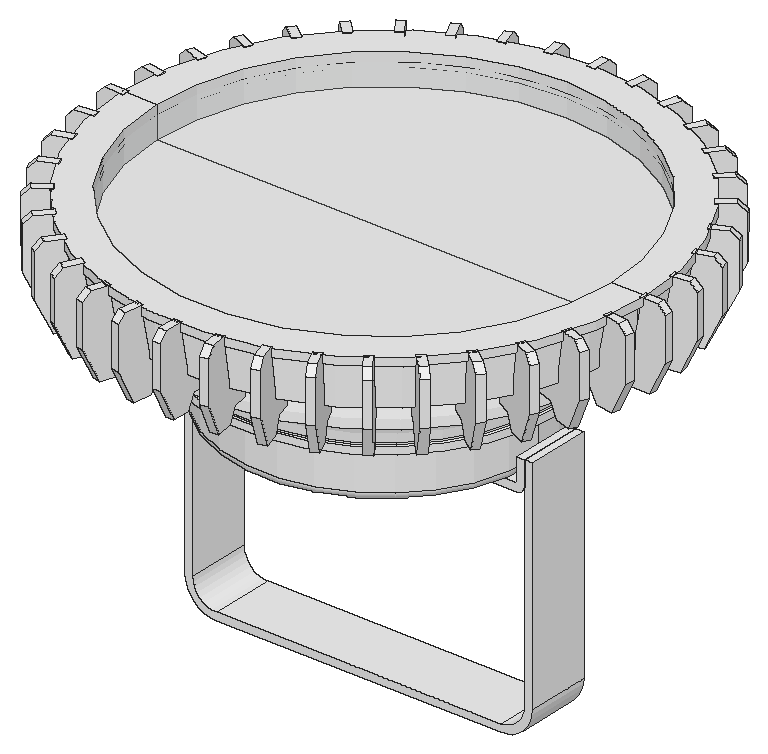
Revit family "HBLC", category Lighting Fixtures, host Face, Revit 2014
Parameters
  Wattage Comments = "169W"  # constant formula
  Wattage = 169 W
  Watt = 169 W  # constant formula
  Warranty = "Five years from date of purchase when used on supply AC power\r\n• One year from date of purchase when used on supply DC power"  # constant formula
  built-in parameter 1150110 = 1 (stored number, unit not read)
  Voltage = 120 V
  URL = "http://www.hubbellindustrial.com/"
  built-in parameter 1114217 = 1 (stored number, unit not read)
  Tilt Angle = -90.00°
  built-in parameter 1150109 = 1 (stored number, unit not read)
  built-in parameter 1150134 = 2
  built-in parameter 1150113 = 1 (stored number, unit not read)
  Product Page URL = "https://www.hubbell.com/hubbellindustriallighting/en/Products/Lighting-Controls/Industrial-Lighting/Extreme-Environment/HBLC/p/212403"
  Product Documentation Link = "https://hubbellcdn.com/specsheet/hil0080_hblc_spec.pdf"
  Power Factor = 0.9
  Photometric Web File = "Generic.ies"
  Optics = "Narrow"
  Model = "HBLC"  # constant formula
  Material Finish = Paint - Hubbell - White Texture
  Manufacturer = "Hubbell Industrial Lighting"  # constant formula
  built-in parameter 1150105 = 1344.5 (stored number, unit not read)
  Lumens = 16900 lm
  built-in parameter 1150115 = 1 (stored number, unit not read)
  Load Classification = Lighting
  built-in parameter 1150137 = (empty or 0)
  built-in parameter 1150139 = (empty or 0)
  built-in parameter 1150112 = 1 (stored number, unit not read)
  built-in parameter 1150114 = 1 (stored number, unit not read)
  Lamp = "LED"  # constant formula
  built-in parameter 1150132 = (empty or 0)
  built-in parameter 1150102 = (empty or 0)
  built-in parameter 1150107 = 5000 (stored number, unit not read)
  built-in parameter 1150138 = (empty or 0)
  built-in parameter 1150106 = 13.445 (stored number, unit not read)
  IP Rating = "IP56"  # constant formula
  Glass = Hubbell - Glass
  Features = "LED source is resistant to vibration\r\nLights area below bridge crane\r\nYoke mount for strength and mounting flexibility\r\nHinged housing is easy to service\r\nRugged die-cast construction\r\nSealed, wet location rated design\r\nVibration tested at 3G\r\nThe HBLC is suitable for bridge cranes and other high vibration industrial areas."  # constant formula
  Fastners = Paint - Hubbell - Light Silver
  Environmental Conditions = "Damp Location, Wet Location, outdoor"  # constant formula
  Emit from Circle Diameter = 11.000"
  Emit Shape Visible in Rendering = no
  built-in parameter 1150104 = 9.2903 (stored number, unit not read)
  Dimming Lamp Color Temperature Shift = <None>
  Description = "The HBLC LED High Bay is specifically designed to be used on heavy industrial bridge cranes while utilizing AC or DC input voltage. Custom engineered LED optics provide evenly distributed light for bridge crane operators and others working under the crane for increased visibility and safety."  # constant formula
  Default Elevation = 48.000"
  Contact us = "https://www.hubbell.com/hubbellindustriallighting/en/contactUs?productId=212403"
  Color Filter = 16777215
  Certification = "CSA Listed to UL844\r\n• CSA Listed to UL1598 Wet Location\r\n• Wet Location listed up to 90 degrees\r\n• Damp location listed at greater than 90 degrees mounting angle\r\n• Class I, Division 2, Groups A, B, C & D\r\n• IP66 with factory installed ENCG option"  # constant formula
  built-in parameter 1114218 = 1 (stored number, unit not read)
  built-in parameter 1150133 = 10 (stored number, unit not read)
  Apparent Load = Watt / Power Factor  # 187.778 VA
Reference planes (in)
  plane 1 "Center (Front/Back)": y = 0
  plane 2: z = 0
  plane 3 "Center (Left/Right)": x = 0
  plane 4: z = 8
  plane 5: x = -7
  plane 6: x = 7
  plane 7: x = -6.75
  plane 8: x = 6.75
  plane 9: z = 0.25
  plane 10: y = 1
  plane 11: y = -1
  plane 12: z = 7
  plane 13: z = 7.25
  plane 14: x = -6.5
  plane 15: x = 6.5
  plane 16: x = -5.5
  plane 17: x = 5.5
  plane 18: z = 13
Forms (in)
  Extrusion 1, solid, material "Paint - Hubbell - White Texture" <- "Material Finish"
    sketch origin (0, 0, 0) x (1, 0, 0) y (0, 0, 1)
      loop
        arc (-5.5, 1) -> (-5.20711, 0.29289) -> (-4.5, 0) r 1
        line (-4.5, 0) -> (4.5, 0)
        arc (4.5, 0) -> (5.20711, 0.29289) -> (5.5, 1) r 1
        line (5.5, 1) -> (5.5, 8) -> (5.25, 8) -> (5.25, 1)
        arc (5.25, 1) -> (5.03033, 0.46967) -> (4.5, 0.25) r 0.75
        line (4.5, 0.25) -> (-4.5, 0.25)
        arc (-4.5, 0.25) -> (-5.03033, 0.46967) -> (-5.25, 1) r 0.75
        line (-5.25, 1) -> (-5.25, 8) -> (-5.5, 8) -> (-5.5, 1)
    from 1 to -1
  Extrusion 2, solid, material "Paint - Hubbell - White Texture" <- "Material Finish"
    sketch origin (0, 0, 0) x (1, 0, 0) y (0, 0, 1)
      loop
        line (-5.25, 8) -> (-5.25, 7.25)
        arc (-5.25, 7.25) -> (-5.17678, 7.07322) -> (-5, 7) r 0.25
        line (-5, 7) -> (5, 7)
        arc (5, 7) -> (5.17678, 7.07322) -> (5.25, 7.25) r 0.25
        line (5.25, 7.25) -> (5.25, 8) -> (5, 8) -> (5, 7.25) -> (-5, 7.25) -> (-5, 8) -> (-5.25, 8)
    from 1 to -1
  Extrusion 3, solid, material "Paint - Hubbell - Light Silver" <- "Fastners"
    sketch origin (6.75, 0, 7) x (0, 1, 0) y (1, 0, 0)
      loop
        line (0.5, -9.5) -> (0.25, -9.06699) -> (-0.25, -9.06699) -> (-0.5, -9.5) -> (-0.25, -9.93301) -> (0.25, -9.93301) -> (0.5, -9.5)
      loop
        line (0.5, -3.99264) -> (0.25, -3.55963) -> (-0.25, -3.55963) -> (-0.5, -3.99264) -> (-0.25, -4.42565) -> (0.25, -4.42565) -> (0.5, -3.99264)
    from 0 to 0.36841
Dimensions and locks (in)
  plane 4 to plane 2 = 8.000"
  locked: plane 7 to plane 5 at 0.25
  locked: plane 8 to plane 6 at 0.25
  locked: plane 9 to plane 2 at 0.25
  equal spacing: plane 10, plane 1 "Center (Front/Back)", plane 11
  locked: plane 10 to plane 11 at 2
  equal spacing: plane 6, plane 3 "Center (Left/Right)", plane 5, locked at 7 each
  plane 6 to plane 5 = 14.000"
  plane 17 to plane 16 = 11.000"
  radius of Extrusion 1 sketch curve = 0.750"  (x2)
  aligned and locked: plane 2 to host face
  aligned and locked: level to host face
  aligned and locked: plane 2 to Extrusion 1 sketch curve
  aligned and locked: Extrusion 1 sketch curve to plane 4
  aligned and locked: plane 4 to Extrusion 1 sketch curve
  aligned and locked: plane 9 to Extrusion 1 sketch curve
  aligned and locked: Extrusion 1 to plane 11
  aligned and locked: plane 10 to Extrusion 1
  aligned and locked: nested 1 to plane 3 "Center (Left/Right)"
  aligned and locked: nested 1 to plane 1 "Center (Front/Back)"
  aligned and locked: plane 12 to Extrusion 2 sketch curve
  aligned and locked: plane 4 to Extrusion 2 sketch curve
  aligned and locked: Extrusion 2 sketch curve to plane 4
  aligned and locked: plane 13 to Extrusion 2 sketch curve
  aligned and locked: Extrusion 1 to Extrusion 2  (x2)
  aligned and locked: plane 3 "Center (Left/Right)" to imposter light
  aligned and locked: imposter light to plane 1 "Center (Front/Back)"
Automatic sketch dimensions
  host sketch curve to host sketch curve = 96.000"  (x2)
  Extrusion 1 sketch curve to Extrusion 1 sketch curve = 0.000"  (x5)
  plane 7 to Extrusion 1 sketch curve = 1.250"
  Extrusion 1 sketch curve to plane 17 = 1.000"
  Extrusion 2 sketch curve to plane 13 = 0.000"  (x2)
  plane 16 to Extrusion 2 sketch curve = 0.250"
  Extrusion 2 sketch curve to Extrusion 2 sketch curve = 0.000"  (x2)
  Extrusion 2 sketch curve to plane 17 = 0.500"
  Extrusion 3 sketch curve to Extrusion 2 = 0.500"  (x4)
  Extrusion 3 sketch curve to Extrusion 3 sketch curve = 0.250"  (x4)
  Extrusion 3 sketch curve to Extrusion 3 sketch curve = 0.500"  (x4)
  Extrusion 2 to Extrusion 3 sketch curve = 1.80963"
  Extrusion 3 sketch curve to Extrusion 3 sketch curve = 0.43301"  (x6)
  Extrusion 2 to Extrusion 3 sketch curve = 2.68301"
Nested families (in)
  nested 1: "KHL" at (0, 0, 7.25) x (-1, 0, 0) z (0, 0, 1), type "KHL"
Connectors (in)
  electrical at (0, 0, 7.25), driven by "Load Classification", driven by "Voltage", driven by "Apparent Load", driven by "Power Factor"
    settings: on nested 1, index 1, voltage 120 V, apparent load 187.778 VA, apparent load phase1 0 VA, apparent load phase2 0 VA, apparent load phase3 0 VA, power factor 0.9, load classification "Lighting", number of poles 1, system type 30, power factor state 1, is connector primary yes, connector utility no, sub classification motor no, connector description "Lighting Connector"
Definition of nested family "KHL"
  Parameters (values of type "KHL")
    Wattage Comments = ""
    URL = ""
    Model = ""
    Material Finish = Hubbell-Tan
    Manufacturer = ""
    Lamp = ""
    IES FILE LINK = ""
    Glass = Hubbell - Glass
    Description = ""
    Default Elevation = 48.000"
    Apparent Load = 0 VA
  Reference planes (in)
    plane 1 "Center (Front/Back)": y = 0
    plane 2: z = 0
    plane 3 "Center (Left/Right)": x = 0
    plane 4: z = 6
    plane 5: x = -7.25
    plane 6: x = 7.25
    plane 7: x = -5.5
    plane 8: x = 5.5
    plane 9: x = -9
    plane 10: x = 9
    plane 11: y = -9
    plane 12: y = 9
    plane 13: x = -9
    plane 14: x = 9
    plane 15: through (-8.8892, 1.40791, -18.06561) normal (-0.9877, 0.1564, 0)
    plane 16: through (8.8892, -1.40791, -18.06561) normal (-0.9877, 0.1564, 0)
    plane 17: through (-8.55951, 2.78115, -18.06561) normal (-0.9511, 0.309, 0)
    plane 18: through (8.55951, -2.78115, -18.06561) normal (-0.9511, 0.309, 0)
    plane 19: through (-8.01906, 4.08591, -18.06561) normal (-0.891, 0.454, 0)
    plane 20: through (8.01906, -4.08591, -18.06561) normal (-0.891, 0.454, 0)
    plane 21: through (-7.28115, 5.29007, -18.06561) normal (-0.809, 0.5878, 0)
    plane 22: through (7.28115, -5.29007, -18.06561) normal (-0.809, 0.5878, 0)
    plane 23: through (-6.36396, 6.36396, -18.06561) normal (-0.7071, 0.7071, 0)
    plane 24: through (6.36396, -6.36396, -18.06561) normal (-0.7071, 0.7071, 0)
    plane 25: through (-5.29007, 7.28115, -18.06561) normal (-0.5878, 0.809, 0)
    plane 26: through (5.29007, -7.28115, -18.06561) normal (-0.5878, 0.809, 0)
    plane 27: through (-4.08591, 8.01906, -18.06561) normal (-0.454, 0.891, 0)
    plane 28: through (4.08591, -8.01906, -18.06561) normal (-0.454, 0.891, 0)
    plane 29: through (-2.78115, 8.55951, -18.06561) normal (-0.309, 0.9511, 0)
    plane 30: through (2.78115, -8.55951, -18.06561) normal (-0.309, 0.9511, 0)
    plane 31: through (-1.40791, 8.8892, -18.06561) normal (-0.1564, 0.9877, 0)
    plane 32: through (1.40791, -8.8892, -18.06561) normal (-0.1564, 0.9877, 0)
    plane 33: y = 9
    plane 34: y = -9
    plane 35: through (1.40791, 8.8892, -18.06561) normal (0.1564, 0.9877, 0)
    plane 36: through (-1.40791, -8.8892, -18.06561) normal (0.1564, 0.9877, 0)
    plane 37: through (2.78115, 8.55951, -18.06561) normal (0.309, 0.9511, 0)
    plane 38: through (-2.78115, -8.55951, -18.06561) normal (0.309, 0.9511, 0)
    plane 39: through (4.08591, 8.01906, -18.06561) normal (0.454, 0.891, 0)
    plane 40: through (-4.08591, -8.01906, -18.06561) normal (0.454, 0.891, 0)
    plane 41: through (5.29007, 7.28115, -18.06561) normal (0.5878, 0.809, 0)
    plane 42: through (-5.29007, -7.28115, -18.06561) normal (0.5878, 0.809, 0)
    plane 43: through (6.36396, 6.36396, -18.06561) normal (0.7071, 0.7071, 0)
    plane 44: through (-6.36396, -6.36396, -18.06561) normal (0.7071, 0.7071, 0)
    plane 45: through (7.28115, 5.29007, -18.06561) normal (0.809, 0.5878, 0)
    plane 46: through (-7.28115, -5.29007, -18.06561) normal (0.809, 0.5878, 0)
    plane 47: through (8.01906, 4.08591, -18.06561) normal (0.891, 0.454, 0)
    plane 48: through (-8.01906, -4.08591, -18.06561) normal (0.891, 0.454, 0)
    plane 49: through (8.55951, 2.78115, -18.06561) normal (0.9511, 0.309, 0)
    plane 50: through (-8.55951, -2.78115, -18.06561) normal (0.9511, 0.309, 0)
    plane 51: through (8.8892, 1.40791, -18.06561) normal (0.9877, 0.1564, 0)
    plane 52: through (-8.8892, -1.40791, -18.06561) normal (0.9877, 0.1564, 0)
    plane 53: x = 9
    plane 54: x = -9
    plane 55: through (8.8892, -1.40791, -18.06561) normal (0.9877, -0.1564, 0)
    plane 56: through (-8.8892, 1.40791, -18.06561) normal (0.9877, -0.1564, 0)
    plane 57: through (8.55951, -2.78115, -18.06561) normal (0.9511, -0.309, 0)
    plane 58: through (-8.55951, 2.78115, -18.06561) normal (0.9511, -0.309, 0)
    plane 59: through (8.01906, -4.08591, -18.06561) normal (0.891, -0.454, 0)
    plane 60: through (-8.01906, 4.08591, -18.06561) normal (0.891, -0.454, 0)
    plane 61: through (7.28115, -5.29007, -18.06561) normal (0.809, -0.5878, 0)
    plane 62: through (-7.28115, 5.29007, -18.06561) normal (0.809, -0.5878, 0)
    plane 63: through (6.36396, -6.36396, -18.06561) normal (0.7071, -0.7071, 0)
    plane 64: through (-6.36396, 6.36396, -18.06561) normal (0.7071, -0.7071, 0)
    plane 65: through (5.29007, -7.28115, -18.06561) normal (0.5878, -0.809, 0)
    plane 66: through (-5.29007, 7.28115, -18.06561) normal (0.5878, -0.809, 0)
    plane 67: through (4.08591, -8.01906, -18.06561) normal (0.454, -0.891, 0)
    plane 68: through (-4.08591, 8.01906, -18.06561) normal (0.454, -0.891, 0)
    plane 69: through (2.78115, -8.55951, -18.06561) normal (0.309, -0.9511, 0)
    plane 70: through (-2.78115, 8.55951, -18.06561) normal (0.309, -0.9511, 0)
    plane 71: through (1.40791, -8.8892, -18.06561) normal (0.1564, -0.9877, 0)
    plane 72: through (-1.40791, 8.8892, -18.06561) normal (0.1564, -0.9877, 0)
    plane 73: through (-1.40791, -8.8892, -18.06561) normal (-0.1564, -0.9877, 0)
    plane 74: through (1.40791, 8.8892, -18.06561) normal (-0.1564, -0.9877, 0)
    plane 75: through (-2.78115, -8.55951, -18.06561) normal (-0.309, -0.9511, 0)
    plane 76: through (2.78115, 8.55951, -18.06561) normal (-0.309, -0.9511, 0)
    plane 77: through (-4.08591, -8.01906, -18.06561) normal (-0.454, -0.891, 0)
    plane 78: through (4.08591, 8.01906, -18.06561) normal (-0.454, -0.891, 0)
    plane 79: through (-5.29007, -7.28115, -18.06561) normal (-0.5878, -0.809, 0)
    plane 80: through (5.29007, 7.28115, -18.06561) normal (-0.5878, -0.809, 0)
    plane 81: through (-6.36396, -6.36396, -18.06561) normal (-0.7071, -0.7071, 0)
    plane 82: through (6.36396, 6.36396, -18.06561) normal (-0.7071, -0.7071, 0)
    plane 83: through (-7.28115, -5.29007, -18.06561) normal (-0.809, -0.5878, 0)
    plane 84: through (7.28115, 5.29007, -18.06561) normal (-0.809, -0.5878, 0)
    plane 85: through (-8.01906, -4.08591, -18.06561) normal (-0.891, -0.454, 0)
    plane 86: through (8.01906, 4.08591, -18.06561) normal (-0.891, -0.454, 0)
    plane 87: through (-8.55951, -2.78115, -18.06561) normal (-0.9511, -0.309, 0)
    plane 88: through (8.55951, 2.78115, -18.06561) normal (-0.9511, -0.309, 0)
    plane 89: through (-8.8892, -1.40791, -18.06561) normal (-0.9877, -0.1564, 0)
    plane 90: through (8.8892, 1.40791, -18.06561) normal (-0.9877, -0.1564, 0)
  Forms (in)
    Extrusion 1, solid
      sketch origin (0, 0, 0) x (1, 0, 0) y (0, 1, 0)
        loop
          line (-48, 48) -> (-48, -48) -> (48, -48) -> (48, 48) -> (-48, 48)
      from 0 to -12
    Revolve 2, solid, material "Hubbell-Tan" <- "Material Finish"
      sketch origin (0, 0, 0) x (1, 0, 0) y (0, 0, 1)
        loop
          line (4.875, 0.25) -> (4.875, 1.56868)
          arc (4.875, 1.56868) -> (4.92811, 1.69689) -> (5.05632, 1.75) r 0.18132
          line (5.05632, 1.75) -> (5.60927, 1.75) -> (5.60927, 1.97746) -> (5.5, 1.97746) -> (5.5, 2.0276)
          arc (5.5, 2.0276) -> (5.89464, 2.98036) -> (6.8474, 3.375) r 1.3474
          line (6.8474, 3.375) -> (7.23385, 3.375)
          arc (7.23385, 3.375) -> (7.12959, 3.90778) -> (6.83219, 4.36196) r 1.4134
          line (6.83219, 4.36196) -> (6.83219, 4.43504) -> (8.03125, 4.43504) -> (8.03125, 5.74507) -> (8.28125, 5.74507) -> (8.28125, 6) -> (7.20302, 6) -> (7.20302, 5) -> (0, 5) -> (0, 0) -> (4.625, 0)
          arc (4.625, 0) -> (4.80178, 0.07322) -> (4.875, 0.25) r 0.25
        axis (0, 6) -> (0, 0)
      angle from 0 to 360
    Extrusion 3, solid, material "Hubbell - Glass" <- "Glass"
      sketch origin (0, 0, 0) x (1, 0, 0) y (0, 1, 0)
        loop
          circle (0, 0) r 7.20302
      from 5.71977 to 5.56262
    Extrusion 4, solid, material "Hubbell-Tan" <- "Material Finish"
      sketch origin (1.75, 0, 0) x (1, 0, 0) y (0, 0, 1)
        loop
          line (6.42821, 6) -> (6.42821, 5.59247) -> (6.23107, 4.59805) -> (5.43029, 4.59805) -> (5.43029, 3.78903) -> (5.9375, 3.78903) -> (6.1875, 3.35602) -> (6.75, 3.35602) -> (7.25, 4.38117) -> (7.25, 5.75) -> (7, 6) -> (6.42821, 6)
      from 0.125 to -0.125
    Extrusion 5, solid, material "Hubbell-Tan" <- "Material Finish"
      sketch origin (1.72845, -0.27376, 0) x (0.987688, -0.156434, 0) y (0, 0, 1)
        loop
          line (6.42821, 6) -> (6.42821, 5.59247) -> (6.23107, 4.59805) -> (5.43029, 4.59805) -> (5.43029, 3.78903) -> (5.9375, 3.78903) -> (6.1875, 3.35602) -> (6.75, 3.35602) -> (7.25, 4.38117) -> (7.25, 5.75) -> (7, 6) -> (6.42821, 6)
      from 0.125 to -0.125
    Extrusion 6, solid, material "Hubbell-Tan" <- "Material Finish"
      sketch origin (1.66435, -0.54078, 0) x (0.951057, -0.309017, 0) y (0, 0, 1)
        loop
          line (6.42821, 6) -> (6.42821, 5.59247) -> (6.23107, 4.59805) -> (5.43029, 4.59805) -> (5.43029, 3.78903) -> (5.9375, 3.78903) -> (6.1875, 3.35602) -> (6.75, 3.35602) -> (7.25, 4.38117) -> (7.25, 5.75) -> (7, 6) -> (6.42821, 6)
      from 0.125 to -0.125
    Extrusion 7, solid, material "Hubbell-Tan" <- "Material Finish"
      sketch origin (1.55926, -0.79448, 0) x (0.891007, -0.45399, 0) y (0, 0, 1)
        loop
          line (6.42821, 6) -> (6.42821, 5.59247) -> (6.23107, 4.59805) -> (5.43029, 4.59805) -> (5.43029, 3.78903) -> (5.9375, 3.78903) -> (6.1875, 3.35602) -> (6.75, 3.35602) -> (7.25, 4.38117) -> (7.25, 5.75) -> (7, 6) -> (6.42821, 6)
      from 0.125 to -0.125
    Extrusion 8, solid, material "Hubbell-Tan" <- "Material Finish"
      sketch origin (1.41578, -1.02862, 0) x (0.809017, -0.587785, 0) y (0, 0, 1)
        loop
          line (6.42821, 6) -> (6.42821, 5.59247) -> (6.23107, 4.59805) -> (5.43029, 4.59805) -> (5.43029, 3.78903) -> (5.9375, 3.78903) -> (6.1875, 3.35602) -> (6.75, 3.35602) -> (7.25, 4.38117) -> (7.25, 5.75) -> (7, 6) -> (6.42821, 6)
      from 0.125 to -0.125
    Extrusion 9, solid, material "Hubbell-Tan" <- "Material Finish"
      sketch origin (1.23744, -1.23744, 0) x (0.707107, -0.707107, 0) y (0, 0, 1)
        loop
          line (6.42821, 6) -> (6.42821, 5.59247) -> (6.23107, 4.59805) -> (5.43029, 4.59805) -> (5.43029, 3.78903) -> (5.9375, 3.78903) -> (6.1875, 3.35602) -> (6.75, 3.35602) -> (7.25, 4.38117) -> (7.25, 5.75) -> (7, 6) -> (6.42821, 6)
      from 0.125 to -0.125
    Extrusion 10, solid, material "Hubbell-Tan" <- "Material Finish"
      sketch origin (1.02862, -1.41578, 0) x (0.587785, -0.809017, 0) y (0, 0, 1)
        loop
          line (6.42821, 6) -> (6.42821, 5.59247) -> (6.23107, 4.59805) -> (5.43029, 4.59805) -> (5.43029, 3.78903) -> (5.9375, 3.78903) -> (6.1875, 3.35602) -> (6.75, 3.35602) -> (7.25, 4.38117) -> (7.25, 5.75) -> (7, 6) -> (6.42821, 6)
      from 0.125 to -0.125
    Extrusion 11, solid, material "Hubbell-Tan" <- "Material Finish"
      sketch origin (0.79448, -1.55926, 0) x (0.45399, -0.891007, 0) y (0, 0, 1)
        loop
          line (6.42821, 6) -> (6.42821, 5.59247) -> (6.23107, 4.59805) -> (5.43029, 4.59805) -> (5.43029, 3.78903) -> (5.9375, 3.78903) -> (6.1875, 3.35602) -> (6.75, 3.35602) -> (7.25, 4.38117) -> (7.25, 5.75) -> (7, 6) -> (6.42821, 6)
      from 0.125 to -0.125
    Extrusion 12, solid, material "Hubbell-Tan" <- "Material Finish"
      sketch origin (0.54078, -1.66435, 0) x (0.309017, -0.951057, 0) y (0, 0, 1)
        loop
          line (6.42821, 6) -> (6.42821, 5.59247) -> (6.23107, 4.59805) -> (5.43029, 4.59805) -> (5.43029, 3.78903) -> (5.9375, 3.78903) -> (6.1875, 3.35602) -> (6.75, 3.35602) -> (7.25, 4.38117) -> (7.25, 5.75) -> (7, 6) -> (6.42821, 6)
      from 0.125 to -0.125
    Extrusion 13, solid, material "Hubbell-Tan" <- "Material Finish"
      sketch origin (0.27376, -1.72845, 0) x (0.156434, -0.987688, 0) y (0, 0, 1)
        loop
          line (6.42821, 6) -> (6.42821, 5.59247) -> (6.23107, 4.59805) -> (5.43029, 4.59805) -> (5.43029, 3.78903) -> (5.9375, 3.78903) -> (6.1875, 3.35602) -> (6.75, 3.35602) -> (7.25, 4.38117) -> (7.25, 5.75) -> (7, 6) -> (6.42821, 6)
      from 0.125 to -0.125
    Extrusion 14, solid, material "Hubbell-Tan" <- "Material Finish"
      sketch origin (0, -1.75, 0) x (0, -1, 0) y (0, 0, 1)
        loop
          line (6.42821, 6) -> (6.42821, 5.59247) -> (6.23107, 4.59805) -> (5.43029, 4.59805) -> (5.43029, 3.78903) -> (5.9375, 3.78903) -> (6.1875, 3.35602) -> (6.75, 3.35602) -> (7.25, 4.38117) -> (7.25, 5.75) -> (7, 6) -> (6.42821, 6)
      from 0.125 to -0.125
    Extrusion 15, solid, material "Hubbell-Tan" <- "Material Finish"
      sketch origin (-0.27376, -1.72845, 0) x (-0.156434, -0.987688, 0) y (0, 0, 1)
        loop
          line (6.42821, 6) -> (6.42821, 5.59247) -> (6.23107, 4.59805) -> (5.43029, 4.59805) -> (5.43029, 3.78903) -> (5.9375, 3.78903) -> (6.1875, 3.35602) -> (6.75, 3.35602) -> (7.25, 4.38117) -> (7.25, 5.75) -> (7, 6) -> (6.42821, 6)
      from 0.125 to -0.125
    Extrusion 16, solid, material "Hubbell-Tan" <- "Material Finish"
      sketch origin (-0.54078, -1.66435, 0) x (-0.309017, -0.951057, 0) y (0, 0, 1)
        loop
          line (6.42821, 6) -> (6.42821, 5.59247) -> (6.23107, 4.59805) -> (5.43029, 4.59805) -> (5.43029, 3.78903) -> (5.9375, 3.78903) -> (6.1875, 3.35602) -> (6.75, 3.35602) -> (7.25, 4.38117) -> (7.25, 5.75) -> (7, 6) -> (6.42821, 6)
      from 0.125 to -0.125
    Extrusion 17, solid, material "Hubbell-Tan" <- "Material Finish"
      sketch origin (-0.79448, -1.55926, 0) x (-0.45399, -0.891007, 0) y (0, 0, 1)
        loop
          line (6.42821, 6) -> (6.42821, 5.59247) -> (6.23107, 4.59805) -> (5.43029, 4.59805) -> (5.43029, 3.78903) -> (5.9375, 3.78903) -> (6.1875, 3.35602) -> (6.75, 3.35602) -> (7.25, 4.38117) -> (7.25, 5.75) -> (7, 6) -> (6.42821, 6)
      from 0.125 to -0.125
    Extrusion 18, solid, material "Hubbell-Tan" <- "Material Finish"
      sketch origin (-1.02862, -1.41578, 0) x (-0.587785, -0.809017, 0) y (0, 0, 1)
        loop
          line (6.42821, 6) -> (6.42821, 5.59247) -> (6.23107, 4.59805) -> (5.43029, 4.59805) -> (5.43029, 3.78903) -> (5.9375, 3.78903) -> (6.1875, 3.35602) -> (6.75, 3.35602) -> (7.25, 4.38117) -> (7.25, 5.75) -> (7, 6) -> (6.42821, 6)
      from 0.125 to -0.125
    Extrusion 19, solid, material "Hubbell-Tan" <- "Material Finish"
      sketch origin (-1.23744, -1.23744, 0) x (-0.707107, -0.707107, 0) y (0, 0, 1)
        loop
          line (6.42821, 6) -> (6.42821, 5.59247) -> (6.23107, 4.59805) -> (5.43029, 4.59805) -> (5.43029, 3.78903) -> (5.9375, 3.78903) -> (6.1875, 3.35602) -> (6.75, 3.35602) -> (7.25, 4.38117) -> (7.25, 5.75) -> (7, 6) -> (6.42821, 6)
      from 0.125 to -0.125
    Extrusion 20, solid, material "Hubbell-Tan" <- "Material Finish"
      sketch origin (-1.41578, -1.02862, 0) x (-0.809017, -0.587785, 0) y (0, 0, 1)
        loop
          line (6.42821, 6) -> (6.42821, 5.59247) -> (6.23107, 4.59805) -> (5.43029, 4.59805) -> (5.43029, 3.78903) -> (5.9375, 3.78903) -> (6.1875, 3.35602) -> (6.75, 3.35602) -> (7.25, 4.38117) -> (7.25, 5.75) -> (7, 6) -> (6.42821, 6)
      from 0.125 to -0.125
    Extrusion 21, solid, material "Hubbell-Tan" <- "Material Finish"
      sketch origin (-1.55926, -0.79448, 0) x (-0.891007, -0.45399, 0) y (0, 0, 1)
        loop
          line (6.42821, 6) -> (6.42821, 5.59247) -> (6.23107, 4.59805) -> (5.43029, 4.59805) -> (5.43029, 3.78903) -> (5.9375, 3.78903) -> (6.1875, 3.35602) -> (6.75, 3.35602) -> (7.25, 4.38117) -> (7.25, 5.75) -> (7, 6) -> (6.42821, 6)
      from 0.125 to -0.125
    Extrusion 22, solid, material "Hubbell-Tan" <- "Material Finish"
      sketch origin (-1.66435, -0.54078, 0) x (-0.951057, -0.309017, 0) y (0, 0, 1)
        loop
          line (6.42821, 6) -> (6.42821, 5.59247) -> (6.23107, 4.59805) -> (5.43029, 4.59805) -> (5.43029, 3.78903) -> (5.9375, 3.78903) -> (6.1875, 3.35602) -> (6.75, 3.35602) -> (7.25, 4.38117) -> (7.25, 5.75) -> (7, 6) -> (6.42821, 6)
      from 0.125 to -0.125
    Extrusion 23, solid, material "Hubbell-Tan" <- "Material Finish"
      sketch origin (-1.72845, -0.27376, 0) x (-0.987688, -0.156434, 0) y (0, 0, 1)
        loop
          line (6.42821, 6) -> (6.42821, 5.59247) -> (6.23107, 4.59805) -> (5.43029, 4.59805) -> (5.43029, 3.78903) -> (5.9375, 3.78903) -> (6.1875, 3.35602) -> (6.75, 3.35602) -> (7.25, 4.38117) -> (7.25, 5.75) -> (7, 6) -> (6.42821, 6)
      from 0.125 to -0.125
    Extrusion 24, solid, material "Hubbell-Tan" <- "Material Finish"
      sketch origin (-1.75, 0, 0) x (-1, 0, 0) y (0, 0, 1)
        loop
          line (6.42821, 6) -> (6.42821, 5.59247) -> (6.23107, 4.59805) -> (5.43029, 4.59805) -> (5.43029, 3.78903) -> (5.9375, 3.78903) -> (6.1875, 3.35602) -> (6.75, 3.35602) -> (7.25, 4.38117) -> (7.25, 5.75) -> (7, 6) -> (6.42821, 6)
      from 0.125 to -0.125
    Extrusion 25, solid, material "Hubbell-Tan" <- "Material Finish"
      sketch origin (-1.72845, 0.27376, 0) x (-0.987688, 0.156434, 0) y (0, 0, 1)
        loop
          line (6.42821, 6) -> (6.42821, 5.59247) -> (6.23107, 4.59805) -> (5.43029, 4.59805) -> (5.43029, 3.78903) -> (5.9375, 3.78903) -> (6.1875, 3.35602) -> (6.75, 3.35602) -> (7.25, 4.38117) -> (7.25, 5.75) -> (7, 6) -> (6.42821, 6)
      from 0.125 to -0.125
    Extrusion 26, solid, material "Hubbell-Tan" <- "Material Finish"
      sketch origin (-1.66435, 0.54078, 0) x (-0.951057, 0.309017, 0) y (0, 0, 1)
        loop
          line (6.42821, 6) -> (6.42821, 5.59247) -> (6.23107, 4.59805) -> (5.43029, 4.59805) -> (5.43029, 3.78903) -> (5.9375, 3.78903) -> (6.1875, 3.35602) -> (6.75, 3.35602) -> (7.25, 4.38117) -> (7.25, 5.75) -> (7, 6) -> (6.42821, 6)
      from 0.125 to -0.125
    Extrusion 27, solid, material "Hubbell-Tan" <- "Material Finish"
      sketch origin (-1.55926, 0.79448, 0) x (-0.891007, 0.45399, 0) y (0, 0, 1)
        loop
          line (6.42821, 6) -> (6.42821, 5.59247) -> (6.23107, 4.59805) -> (5.43029, 4.59805) -> (5.43029, 3.78903) -> (5.9375, 3.78903) -> (6.1875, 3.35602) -> (6.75, 3.35602) -> (7.25, 4.38117) -> (7.25, 5.75) -> (7, 6) -> (6.42821, 6)
      from 0.125 to -0.125
    Extrusion 28, solid, material "Hubbell-Tan" <- "Material Finish"
      sketch origin (-1.41578, 1.02862, 0) x (-0.809017, 0.587785, 0) y (0, 0, 1)
        loop
          line (6.42821, 6) -> (6.42821, 5.59247) -> (6.23107, 4.59805) -> (5.43029, 4.59805) -> (5.43029, 3.78903) -> (5.9375, 3.78903) -> (6.1875, 3.35602) -> (6.75, 3.35602) -> (7.25, 4.38117) -> (7.25, 5.75) -> (7, 6) -> (6.42821, 6)
      from 0.125 to -0.125
    Extrusion 29, solid, material "Hubbell-Tan" <- "Material Finish"
      sketch origin (-1.23744, 1.23744, 0) x (-0.707107, 0.707107, 0) y (0, 0, 1)
        loop
          line (6.42821, 6) -> (6.42821, 5.59247) -> (6.23107, 4.59805) -> (5.43029, 4.59805) -> (5.43029, 3.78903) -> (5.9375, 3.78903) -> (6.1875, 3.35602) -> (6.75, 3.35602) -> (7.25, 4.38117) -> (7.25, 5.75) -> (7, 6) -> (6.42821, 6)
      from 0.125 to -0.125
    Extrusion 30, solid, material "Hubbell-Tan" <- "Material Finish"
      sketch origin (-1.02862, 1.41578, 0) x (-0.587785, 0.809017, 0) y (0, 0, 1)
        loop
          line (6.42821, 6) -> (6.42821, 5.59247) -> (6.23107, 4.59805) -> (5.43029, 4.59805) -> (5.43029, 3.78903) -> (5.9375, 3.78903) -> (6.1875, 3.35602) -> (6.75, 3.35602) -> (7.25, 4.38117) -> (7.25, 5.75) -> (7, 6) -> (6.42821, 6)
      from 0.125 to -0.125
    Extrusion 31, solid, material "Hubbell-Tan" <- "Material Finish"
      sketch origin (-0.79448, 1.55926, 0) x (-0.45399, 0.891007, 0) y (0, 0, 1)
        loop
          line (6.42821, 6) -> (6.42821, 5.59247) -> (6.23107, 4.59805) -> (5.43029, 4.59805) -> (5.43029, 3.78903) -> (5.9375, 3.78903) -> (6.1875, 3.35602) -> (6.75, 3.35602) -> (7.25, 4.38117) -> (7.25, 5.75) -> (7, 6) -> (6.42821, 6)
      from 0.125 to -0.125
    Extrusion 32, solid, material "Hubbell-Tan" <- "Material Finish"
      sketch origin (-0.54078, 1.66435, 0) x (-0.309017, 0.951057, 0) y (0, 0, 1)
        loop
          line (6.42821, 6) -> (6.42821, 5.59247) -> (6.23107, 4.59805) -> (5.43029, 4.59805) -> (5.43029, 3.78903) -> (5.9375, 3.78903) -> (6.1875, 3.35602) -> (6.75, 3.35602) -> (7.25, 4.38117) -> (7.25, 5.75) -> (7, 6) -> (6.42821, 6)
      from 0.125 to -0.125
    Extrusion 33, solid, material "Hubbell-Tan" <- "Material Finish"
      sketch origin (-0.27376, 1.72845, 0) x (-0.156434, 0.987688, 0) y (0, 0, 1)
        loop
          line (6.42821, 6) -> (6.42821, 5.59247) -> (6.23107, 4.59805) -> (5.43029, 4.59805) -> (5.43029, 3.78903) -> (5.9375, 3.78903) -> (6.1875, 3.35602) -> (6.75, 3.35602) -> (7.25, 4.38117) -> (7.25, 5.75) -> (7, 6) -> (6.42821, 6)
      from 0.125 to -0.125
    Extrusion 34, solid, material "Hubbell-Tan" <- "Material Finish"
      sketch origin (0, 1.75, 0) x (0, 1, 0) y (0, 0, 1)
        loop
          line (6.42821, 6) -> (6.42821, 5.59247) -> (6.23107, 4.59805) -> (5.43029, 4.59805) -> (5.43029, 3.78903) -> (5.9375, 3.78903) -> (6.1875, 3.35602) -> (6.75, 3.35602) -> (7.25, 4.38117) -> (7.25, 5.75) -> (7, 6) -> (6.42821, 6)
      from 0.125 to -0.125
    Extrusion 35, solid, material "Hubbell-Tan" <- "Material Finish"
      sketch origin (0.27376, 1.72845, 0) x (0.156434, 0.987688, 0) y (0, 0, 1)
        loop
          line (6.42821, 6) -> (6.42821, 5.59247) -> (6.23107, 4.59805) -> (5.43029, 4.59805) -> (5.43029, 3.78903) -> (5.9375, 3.78903) -> (6.1875, 3.35602) -> (6.75, 3.35602) -> (7.25, 4.38117) -> (7.25, 5.75) -> (7, 6) -> (6.42821, 6)
      from 0.125 to -0.125
    Extrusion 36, solid, material "Hubbell-Tan" <- "Material Finish"
      sketch origin (0.54078, 1.66435, 0) x (0.309017, 0.951057, 0) y (0, 0, 1)
        loop
          line (6.42821, 6) -> (6.42821, 5.59247) -> (6.23107, 4.59805) -> (5.43029, 4.59805) -> (5.43029, 3.78903) -> (5.9375, 3.78903) -> (6.1875, 3.35602) -> (6.75, 3.35602) -> (7.25, 4.38117) -> (7.25, 5.75) -> (7, 6) -> (6.42821, 6)
      from 0.125 to -0.125
    Extrusion 37, solid, material "Hubbell-Tan" <- "Material Finish"
      sketch origin (0.79448, 1.55926, 0) x (0.45399, 0.891007, 0) y (0, 0, 1)
        loop
          line (6.42821, 6) -> (6.42821, 5.59247) -> (6.23107, 4.59805) -> (5.43029, 4.59805) -> (5.43029, 3.78903) -> (5.9375, 3.78903) -> (6.1875, 3.35602) -> (6.75, 3.35602) -> (7.25, 4.38117) -> (7.25, 5.75) -> (7, 6) -> (6.42821, 6)
      from 0.125 to -0.125
    Extrusion 38, solid, material "Hubbell-Tan" <- "Material Finish"
      sketch origin (1.02862, 1.41578, 0) x (0.587785, 0.809017, 0) y (0, 0, 1)
        loop
          line (6.42821, 6) -> (6.42821, 5.59247) -> (6.23107, 4.59805) -> (5.43029, 4.59805) -> (5.43029, 3.78903) -> (5.9375, 3.78903) -> (6.1875, 3.35602) -> (6.75, 3.35602) -> (7.25, 4.38117) -> (7.25, 5.75) -> (7, 6) -> (6.42821, 6)
      from 0.125 to -0.125
    Extrusion 39, solid, material "Hubbell-Tan" <- "Material Finish"
      sketch origin (1.23744, 1.23744, 0) x (0.707107, 0.707107, 0) y (0, 0, 1)
        loop
          line (6.42821, 6) -> (6.42821, 5.59247) -> (6.23107, 4.59805) -> (5.43029, 4.59805) -> (5.43029, 3.78903) -> (5.9375, 3.78903) -> (6.1875, 3.35602) -> (6.75, 3.35602) -> (7.25, 4.38117) -> (7.25, 5.75) -> (7, 6) -> (6.42821, 6)
      from 0.125 to -0.125
    Extrusion 40, solid, material "Hubbell-Tan" <- "Material Finish"
      sketch origin (1.41578, 1.02862, 0) x (0.809017, 0.587785, 0) y (0, 0, 1)
        loop
          line (6.42821, 6) -> (6.42821, 5.59247) -> (6.23107, 4.59805) -> (5.43029, 4.59805) -> (5.43029, 3.78903) -> (5.9375, 3.78903) -> (6.1875, 3.35602) -> (6.75, 3.35602) -> (7.25, 4.38117) -> (7.25, 5.75) -> (7, 6) -> (6.42821, 6)
      from 0.125 to -0.125
    Extrusion 41, solid, material "Hubbell-Tan" <- "Material Finish"
      sketch origin (1.55926, 0.79448, 0) x (0.891007, 0.45399, 0) y (0, 0, 1)
        loop
          line (6.42821, 6) -> (6.42821, 5.59247) -> (6.23107, 4.59805) -> (5.43029, 4.59805) -> (5.43029, 3.78903) -> (5.9375, 3.78903) -> (6.1875, 3.35602) -> (6.75, 3.35602) -> (7.25, 4.38117) -> (7.25, 5.75) -> (7, 6) -> (6.42821, 6)
      from 0.125 to -0.125
    Extrusion 42, solid, material "Hubbell-Tan" <- "Material Finish"
      sketch origin (1.66435, 0.54078, 0) x (0.951057, 0.309017, 0) y (0, 0, 1)
        loop
          line (6.42821, 6) -> (6.42821, 5.59247) -> (6.23107, 4.59805) -> (5.43029, 4.59805) -> (5.43029, 3.78903) -> (5.9375, 3.78903) -> (6.1875, 3.35602) -> (6.75, 3.35602) -> (7.25, 4.38117) -> (7.25, 5.75) -> (7, 6) -> (6.42821, 6)
      from 0.125 to -0.125
    Extrusion 43, solid, material "Hubbell-Tan" <- "Material Finish"
      sketch origin (1.72845, 0.27376, 0) x (0.987688, 0.156434, 0) y (0, 0, 1)
        loop
          line (6.42821, 6) -> (6.42821, 5.59247) -> (6.23107, 4.59805) -> (5.43029, 4.59805) -> (5.43029, 3.78903) -> (5.9375, 3.78903) -> (6.1875, 3.35602) -> (6.75, 3.35602) -> (7.25, 4.38117) -> (7.25, 5.75) -> (7, 6) -> (6.42821, 6)
      from 0.125 to -0.125
  Lines and regions (in)
    reference lines
      curve 1: line (5.95302, 0, 4.75) -> (0, 0, 4.75)
      curve 2: line (5.95302, 0, 5.92266) -> (5.95302, 0, 4.75)
      curve 3: line (6.59375, 0, 5.37007) -> (6.59375, 0, 5.92266)
      curve 4: line (6.34375, 0, 5.37007) -> (6.59375, 0, 5.37007)
      curve 5: line (6.34375, 0, 4.37254) -> (5.5, 0, 4.37254)
      curve 6: line (6.34375, 0, 4.37254) -> (6.34375, 0, 5.37007)
      curve 7: arc (6.25, 0, 2.75) -> (6.14885, 0, 3.28681) -> (5.85927, 0, 3.75) r 1.47501
      curve 8: line (5.85927, 0, 2.75) -> (6.25, 0, 2.75)
      curve 9: line (5.85927, 0, 2.75) -> (5.85927, 0, 1.75)
      curve 10: line (5.85927, 0, 1.75) -> (4.74529, 0, 1.75)
      curve 11: line (5.85927, 0, 3.75) -> (4.8978, 0, 3.75)
      curve 12: line (5.10824, 0, 5.71977) -> (6.99125, 0, 5.71977)
  Dimensions and locks (in)
    locked: plane 4 to plane 2 at 6
    equal spacing: plane 6, plane 3 "Center (Left/Right)", plane 5
    equal spacing: plane 8, plane 3 "Center (Left/Right)", plane 7, locked at 5.5 each
    plane 4 to plane 2 = 6.000"
    aligned and locked: plane 2 to Extrusion 1
    aligned and locked: level to Extrusion 1
    aligned and locked: Revolve 2 sketch curve to plane 2
    aligned and locked: Extrusion 3 sketch curve to Revolve 2
    aligned and locked: curve 10 to Revolve 2 sketch curve
  Automatic sketch dimensions
    Extrusion 1 sketch curve to Extrusion 1 sketch curve = 96.000"  (x2)
    curve 1 to plane 3 "Center (Left/Right)" = 0.000"
    plane 8 to curve 5 = 0.000"
    plane 8 to curve 10 = 0.75471"
    plane 8 to curve 7 = 0.72501"
    plane 8 to curve 11 = 0.6022"
    plane 8 to curve 12 = 0.39176"
    curve 11 to plane 8 = 0.35927"
    curve 8 to plane 8 = 0.35927"
    curve 2 to plane 4 = 0.07734"
    curve 2 to plane 8 = 0.45302"
    curve 8 to curve 8 = 0.39073"
    curve 1 to curve 6 = 0.39073"
    curve 4 to curve 4 = 0.250"
    plane 6 to curve 12 = 0.25875"
    curve 12 to plane 4 = 0.28023"
    curve 6 to plane 4 = 0.62993"
    curve 2 to curve 4 = 0.62007"
    curve 5 to curve 1 = 0.37746"
    curve 11 to curve 5 = 0.62254"
    curve 9 to curve 8 = 1.000"
    curve 3 to plane 4 = 0.07734"
    Extrusion 4 sketch curve to Extrusion 4 sketch curve = 0.50721"
    Extrusion 4 sketch curve to Extrusion 4 sketch curve = 0.250"  (x3)
    Extrusion 4 sketch curve to Extrusion 4 sketch curve = 0.80078"
    Extrusion 4 sketch curve to Extrusion 4 sketch curve = 0.19714"
    Extrusion 4 sketch curve to Extrusion 4 sketch curve = 0.5625"
    Extrusion 4 sketch curve to Extrusion 4 sketch curve = 0.57179"
    Extrusion 4 sketch curve to Extrusion 4 sketch curve = 0.43301"
    Extrusion 4 sketch curve to Extrusion 4 sketch curve = 1.02515"
    Extrusion 4 sketch curve to Extrusion 4 sketch curve = 0.80901"
    Extrusion 4 sketch curve to Extrusion 4 sketch curve = 0.99442"
    Extrusion 4 sketch curve to Extrusion 4 sketch curve = 0.15753"
    Extrusion 5 sketch curve to Extrusion 5 sketch curve = 0.50721"
    Extrusion 5 sketch curve to Extrusion 5 sketch curve = 0.250"  (x3)
    Extrusion 5 sketch curve to Extrusion 5 sketch curve = 0.80078"
    Extrusion 5 sketch curve to Extrusion 5 sketch curve = 0.19714"
    Extrusion 5 sketch curve to Extrusion 5 sketch curve = 0.5625"
    Extrusion 5 sketch curve to Extrusion 5 sketch curve = 0.57179"
    Extrusion 5 sketch curve to Extrusion 5 sketch curve = 0.43301"
    Extrusion 5 sketch curve to Extrusion 5 sketch curve = 1.02515"
    Extrusion 5 sketch curve to Extrusion 5 sketch curve = 0.80901"
    Extrusion 5 sketch curve to Extrusion 5 sketch curve = 0.99442"
    Extrusion 5 sketch curve to Extrusion 5 sketch curve = 0.15753"
    Extrusion 6 sketch curve to Extrusion 6 sketch curve = 0.50721"
    Extrusion 6 sketch curve to Extrusion 6 sketch curve = 0.250"  (x3)
    Extrusion 6 sketch curve to Extrusion 6 sketch curve = 0.80078"
    Extrusion 6 sketch curve to Extrusion 6 sketch curve = 0.19714"
    Extrusion 6 sketch curve to Extrusion 6 sketch curve = 0.5625"
    Extrusion 6 sketch curve to Extrusion 6 sketch curve = 0.57179"
    Extrusion 6 sketch curve to Extrusion 6 sketch curve = 0.43301"
    Extrusion 6 sketch curve to Extrusion 6 sketch curve = 1.02515"
    Extrusion 6 sketch curve to Extrusion 6 sketch curve = 0.80901"
    Extrusion 6 sketch curve to Extrusion 6 sketch curve = 0.99442"
    Extrusion 6 sketch curve to Extrusion 6 sketch curve = 0.15753"
    Extrusion 7 sketch curve to Extrusion 7 sketch curve = 0.50721"
    Extrusion 7 sketch curve to Extrusion 7 sketch curve = 0.250"  (x3)
    Extrusion 7 sketch curve to Extrusion 7 sketch curve = 0.80078"
    Extrusion 7 sketch curve to Extrusion 7 sketch curve = 0.19714"
    Extrusion 7 sketch curve to Extrusion 7 sketch curve = 0.5625"
    Extrusion 7 sketch curve to Extrusion 7 sketch curve = 0.57179"
    Extrusion 7 sketch curve to Extrusion 7 sketch curve = 0.43301"
    Extrusion 7 sketch curve to Extrusion 7 sketch curve = 1.02515"
    Extrusion 7 sketch curve to Extrusion 7 sketch curve = 0.80901"
    Extrusion 7 sketch curve to Extrusion 7 sketch curve = 0.99442"
    Extrusion 7 sketch curve to Extrusion 7 sketch curve = 0.15753"
    Extrusion 8 sketch curve to Extrusion 8 sketch curve = 0.50721"
    Extrusion 8 sketch curve to Extrusion 8 sketch curve = 0.250"  (x3)
    Extrusion 8 sketch curve to Extrusion 8 sketch curve = 0.80078"
    Extrusion 8 sketch curve to Extrusion 8 sketch curve = 0.19714"
    Extrusion 8 sketch curve to Extrusion 8 sketch curve = 0.5625"
    Extrusion 8 sketch curve to Extrusion 8 sketch curve = 0.57179"
    Extrusion 8 sketch curve to Extrusion 8 sketch curve = 0.43301"
    Extrusion 8 sketch curve to Extrusion 8 sketch curve = 1.02515"
    Extrusion 8 sketch curve to Extrusion 8 sketch curve = 0.80901"
    Extrusion 8 sketch curve to Extrusion 8 sketch curve = 0.99442"
    Extrusion 8 sketch curve to Extrusion 8 sketch curve = 0.15753"
    Extrusion 9 sketch curve to Extrusion 9 sketch curve = 0.50721"
    Extrusion 9 sketch curve to Extrusion 9 sketch curve = 0.250"  (x3)
    Extrusion 9 sketch curve to Extrusion 9 sketch curve = 0.80078"
    Extrusion 9 sketch curve to Extrusion 9 sketch curve = 0.19714"
    Extrusion 9 sketch curve to Extrusion 9 sketch curve = 0.5625"
    Extrusion 9 sketch curve to Extrusion 9 sketch curve = 0.57179"
    Extrusion 9 sketch curve to Extrusion 9 sketch curve = 0.43301"
    Extrusion 9 sketch curve to Extrusion 9 sketch curve = 1.02515"
    Extrusion 9 sketch curve to Extrusion 9 sketch curve = 0.80901"
    Extrusion 9 sketch curve to Extrusion 9 sketch curve = 0.99442"
    Extrusion 9 sketch curve to Extrusion 9 sketch curve = 0.15753"
    Extrusion 10 sketch curve to Extrusion 10 sketch curve = 0.50721"
    Extrusion 10 sketch curve to Extrusion 10 sketch curve = 0.250"  (x3)
    Extrusion 10 sketch curve to Extrusion 10 sketch curve = 0.80078"
    Extrusion 10 sketch curve to Extrusion 10 sketch curve = 0.19714"
    Extrusion 10 sketch curve to Extrusion 10 sketch curve = 0.5625"
    Extrusion 10 sketch curve to Extrusion 10 sketch curve = 0.57179"
    Extrusion 10 sketch curve to Extrusion 10 sketch curve = 0.43301"
    Extrusion 10 sketch curve to Extrusion 10 sketch curve = 1.02515"
    Extrusion 10 sketch curve to Extrusion 10 sketch curve = 0.80901"
    Extrusion 10 sketch curve to Extrusion 10 sketch curve = 0.99442"
    Extrusion 10 sketch curve to Extrusion 10 sketch curve = 0.15753"
    Extrusion 11 sketch curve to Extrusion 11 sketch curve = 0.50721"
    Extrusion 11 sketch curve to Extrusion 11 sketch curve = 0.250"  (x3)
    Extrusion 11 sketch curve to Extrusion 11 sketch curve = 0.80078"
    Extrusion 11 sketch curve to Extrusion 11 sketch curve = 0.19714"
    Extrusion 11 sketch curve to Extrusion 11 sketch curve = 0.5625"
    Extrusion 11 sketch curve to Extrusion 11 sketch curve = 0.57179"
    Extrusion 11 sketch curve to Extrusion 11 sketch curve = 0.43301"
    Extrusion 11 sketch curve to Extrusion 11 sketch curve = 1.02515"
    Extrusion 11 sketch curve to Extrusion 11 sketch curve = 0.80901"
    Extrusion 11 sketch curve to Extrusion 11 sketch curve = 0.99442"
    Extrusion 11 sketch curve to Extrusion 11 sketch curve = 0.15753"
    Extrusion 12 sketch curve to Extrusion 12 sketch curve = 0.50721"
    Extrusion 12 sketch curve to Extrusion 12 sketch curve = 0.250"  (x3)
    Extrusion 12 sketch curve to Extrusion 12 sketch curve = 0.80078"
    Extrusion 12 sketch curve to Extrusion 12 sketch curve = 0.19714"
    Extrusion 12 sketch curve to Extrusion 12 sketch curve = 0.5625"
    Extrusion 12 sketch curve to Extrusion 12 sketch curve = 0.57179"
    Extrusion 12 sketch curve to Extrusion 12 sketch curve = 0.43301"
    Extrusion 12 sketch curve to Extrusion 12 sketch curve = 1.02515"
    Extrusion 12 sketch curve to Extrusion 12 sketch curve = 0.80901"
    Extrusion 12 sketch curve to Extrusion 12 sketch curve = 0.99442"
    Extrusion 12 sketch curve to Extrusion 12 sketch curve = 0.15753"
    Extrusion 13 sketch curve to Extrusion 13 sketch curve = 0.50721"
    Extrusion 13 sketch curve to Extrusion 13 sketch curve = 0.250"  (x3)
    Extrusion 13 sketch curve to Extrusion 13 sketch curve = 0.80078"
    Extrusion 13 sketch curve to Extrusion 13 sketch curve = 0.19714"
    Extrusion 13 sketch curve to Extrusion 13 sketch curve = 0.5625"
    Extrusion 13 sketch curve to Extrusion 13 sketch curve = 0.57179"
    Extrusion 13 sketch curve to Extrusion 13 sketch curve = 0.43301"
    Extrusion 13 sketch curve to Extrusion 13 sketch curve = 1.02515"
    Extrusion 13 sketch curve to Extrusion 13 sketch curve = 0.80901"
    Extrusion 13 sketch curve to Extrusion 13 sketch curve = 0.99442"
    Extrusion 13 sketch curve to Extrusion 13 sketch curve = 0.15753"
    Extrusion 14 sketch curve to Extrusion 14 sketch curve = 0.50721"
    Extrusion 14 sketch curve to Extrusion 14 sketch curve = 0.250"  (x3)
    Extrusion 14 sketch curve to Extrusion 14 sketch curve = 0.80078"
    Extrusion 14 sketch curve to Extrusion 14 sketch curve = 0.19714"
    Extrusion 14 sketch curve to Extrusion 14 sketch curve = 0.5625"
    Extrusion 14 sketch curve to Extrusion 14 sketch curve = 0.57179"
    Extrusion 14 sketch curve to Extrusion 14 sketch curve = 0.43301"
    Extrusion 14 sketch curve to Extrusion 14 sketch curve = 1.02515"
    Extrusion 14 sketch curve to Extrusion 14 sketch curve = 0.80901"
    Extrusion 14 sketch curve to Extrusion 14 sketch curve = 0.99442"
    Extrusion 14 sketch curve to Extrusion 14 sketch curve = 0.15753"
    Extrusion 15 sketch curve to Extrusion 15 sketch curve = 0.50721"
    Extrusion 15 sketch curve to Extrusion 15 sketch curve = 0.250"  (x3)
    Extrusion 15 sketch curve to Extrusion 15 sketch curve = 0.80078"
    Extrusion 15 sketch curve to Extrusion 15 sketch curve = 0.19714"
    Extrusion 15 sketch curve to Extrusion 15 sketch curve = 0.5625"
    Extrusion 15 sketch curve to Extrusion 15 sketch curve = 0.57179"
    Extrusion 15 sketch curve to Extrusion 15 sketch curve = 0.43301"
    Extrusion 15 sketch curve to Extrusion 15 sketch curve = 1.02515"
    Extrusion 15 sketch curve to Extrusion 15 sketch curve = 0.80901"
    Extrusion 15 sketch curve to Extrusion 15 sketch curve = 0.99442"
    Extrusion 15 sketch curve to Extrusion 15 sketch curve = 0.15753"
    Extrusion 16 sketch curve to Extrusion 16 sketch curve = 0.50721"
    Extrusion 16 sketch curve to Extrusion 16 sketch curve = 0.250"  (x3)
    Extrusion 16 sketch curve to Extrusion 16 sketch curve = 0.80078"
    Extrusion 16 sketch curve to Extrusion 16 sketch curve = 0.19714"
    Extrusion 16 sketch curve to Extrusion 16 sketch curve = 0.5625"
    Extrusion 16 sketch curve to Extrusion 16 sketch curve = 0.57179"
    Extrusion 16 sketch curve to Extrusion 16 sketch curve = 0.43301"
    Extrusion 16 sketch curve to Extrusion 16 sketch curve = 1.02515"
    Extrusion 16 sketch curve to Extrusion 16 sketch curve = 0.80901"
    Extrusion 16 sketch curve to Extrusion 16 sketch curve = 0.99442"
    Extrusion 16 sketch curve to Extrusion 16 sketch curve = 0.15753"
    Extrusion 17 sketch curve to Extrusion 17 sketch curve = 0.50721"
    Extrusion 17 sketch curve to Extrusion 17 sketch curve = 0.250"  (x3)
    Extrusion 17 sketch curve to Extrusion 17 sketch curve = 0.80078"
    Extrusion 17 sketch curve to Extrusion 17 sketch curve = 0.19714"
    Extrusion 17 sketch curve to Extrusion 17 sketch curve = 0.5625"
    Extrusion 17 sketch curve to Extrusion 17 sketch curve = 0.57179"
    Extrusion 17 sketch curve to Extrusion 17 sketch curve = 0.43301"
    Extrusion 17 sketch curve to Extrusion 17 sketch curve = 1.02515"
    Extrusion 17 sketch curve to Extrusion 17 sketch curve = 0.80901"
    Extrusion 17 sketch curve to Extrusion 17 sketch curve = 0.99442"
    Extrusion 17 sketch curve to Extrusion 17 sketch curve = 0.15753"
    Extrusion 18 sketch curve to Extrusion 18 sketch curve = 0.50721"
    Extrusion 18 sketch curve to Extrusion 18 sketch curve = 0.250"  (x3)
    Extrusion 18 sketch curve to Extrusion 18 sketch curve = 0.80078"
    Extrusion 18 sketch curve to Extrusion 18 sketch curve = 0.19714"
    Extrusion 18 sketch curve to Extrusion 18 sketch curve = 0.5625"
    Extrusion 18 sketch curve to Extrusion 18 sketch curve = 0.57179"
    Extrusion 18 sketch curve to Extrusion 18 sketch curve = 0.43301"
    Extrusion 18 sketch curve to Extrusion 18 sketch curve = 1.02515"
    Extrusion 18 sketch curve to Extrusion 18 sketch curve = 0.80901"
    Extrusion 18 sketch curve to Extrusion 18 sketch curve = 0.99442"
    Extrusion 18 sketch curve to Extrusion 18 sketch curve = 0.15753"
    Extrusion 19 sketch curve to Extrusion 19 sketch curve = 0.50721"
    Extrusion 19 sketch curve to Extrusion 19 sketch curve = 0.250"  (x3)
    Extrusion 19 sketch curve to Extrusion 19 sketch curve = 0.80078"
    Extrusion 19 sketch curve to Extrusion 19 sketch curve = 0.19714"
    Extrusion 19 sketch curve to Extrusion 19 sketch curve = 0.5625"
    Extrusion 19 sketch curve to Extrusion 19 sketch curve = 0.57179"
    Extrusion 19 sketch curve to Extrusion 19 sketch curve = 0.43301"
    Extrusion 19 sketch curve to Extrusion 19 sketch curve = 1.02515"
    Extrusion 19 sketch curve to Extrusion 19 sketch curve = 0.80901"
    Extrusion 19 sketch curve to Extrusion 19 sketch curve = 0.99442"
    Extrusion 19 sketch curve to Extrusion 19 sketch curve = 0.15753"
    Extrusion 20 sketch curve to Extrusion 20 sketch curve = 0.50721"
    Extrusion 20 sketch curve to Extrusion 20 sketch curve = 0.250"  (x3)
    Extrusion 20 sketch curve to Extrusion 20 sketch curve = 0.80078"
    Extrusion 20 sketch curve to Extrusion 20 sketch curve = 0.19714"
    Extrusion 20 sketch curve to Extrusion 20 sketch curve = 0.5625"
    Extrusion 20 sketch curve to Extrusion 20 sketch curve = 0.57179"
    Extrusion 20 sketch curve to Extrusion 20 sketch curve = 0.43301"
    Extrusion 20 sketch curve to Extrusion 20 sketch curve = 1.02515"
    Extrusion 20 sketch curve to Extrusion 20 sketch curve = 0.80901"
    Extrusion 20 sketch curve to Extrusion 20 sketch curve = 0.99442"
    Extrusion 20 sketch curve to Extrusion 20 sketch curve = 0.15753"
    Extrusion 21 sketch curve to Extrusion 21 sketch curve = 0.50721"
    Extrusion 21 sketch curve to Extrusion 21 sketch curve = 0.250"  (x3)
    Extrusion 21 sketch curve to Extrusion 21 sketch curve = 0.80078"
    Extrusion 21 sketch curve to Extrusion 21 sketch curve = 0.19714"
    Extrusion 21 sketch curve to Extrusion 21 sketch curve = 0.5625"
    Extrusion 21 sketch curve to Extrusion 21 sketch curve = 0.57179"
    Extrusion 21 sketch curve to Extrusion 21 sketch curve = 0.43301"
    Extrusion 21 sketch curve to Extrusion 21 sketch curve = 1.02515"
    Extrusion 21 sketch curve to Extrusion 21 sketch curve = 0.80901"
    Extrusion 21 sketch curve to Extrusion 21 sketch curve = 0.99442"
    Extrusion 21 sketch curve to Extrusion 21 sketch curve = 0.15753"
    Extrusion 22 sketch curve to Extrusion 22 sketch curve = 0.50721"
    Extrusion 22 sketch curve to Extrusion 22 sketch curve = 0.250"  (x3)
    Extrusion 22 sketch curve to Extrusion 22 sketch curve = 0.80078"
    Extrusion 22 sketch curve to Extrusion 22 sketch curve = 0.19714"
    Extrusion 22 sketch curve to Extrusion 22 sketch curve = 0.5625"
    Extrusion 22 sketch curve to Extrusion 22 sketch curve = 0.57179"
    Extrusion 22 sketch curve to Extrusion 22 sketch curve = 0.43301"
    Extrusion 22 sketch curve to Extrusion 22 sketch curve = 1.02515"
    Extrusion 22 sketch curve to Extrusion 22 sketch curve = 0.80901"
    Extrusion 22 sketch curve to Extrusion 22 sketch curve = 0.99442"
    Extrusion 22 sketch curve to Extrusion 22 sketch curve = 0.15753"
    Extrusion 23 sketch curve to Extrusion 23 sketch curve = 0.50721"
    Extrusion 23 sketch curve to Extrusion 23 sketch curve = 0.250"  (x3)
    Extrusion 23 sketch curve to Extrusion 23 sketch curve = 0.80078"
    Extrusion 23 sketch curve to Extrusion 23 sketch curve = 0.19714"
    Extrusion 23 sketch curve to Extrusion 23 sketch curve = 0.5625"
    Extrusion 23 sketch curve to Extrusion 23 sketch curve = 0.57179"
    Extrusion 23 sketch curve to Extrusion 23 sketch curve = 0.43301"
    Extrusion 23 sketch curve to Extrusion 23 sketch curve = 1.02515"
    Extrusion 23 sketch curve to Extrusion 23 sketch curve = 0.80901"
    Extrusion 23 sketch curve to Extrusion 23 sketch curve = 0.99442"
    Extrusion 23 sketch curve to Extrusion 23 sketch curve = 0.15753"
    Extrusion 24 sketch curve to Extrusion 24 sketch curve = 0.50721"
    Extrusion 24 sketch curve to Extrusion 24 sketch curve = 0.250"  (x3)
    Extrusion 24 sketch curve to Extrusion 24 sketch curve = 0.80078"
    Extrusion 24 sketch curve to Extrusion 24 sketch curve = 0.19714"
    Extrusion 24 sketch curve to Extrusion 24 sketch curve = 0.5625"
    Extrusion 24 sketch curve to Extrusion 24 sketch curve = 0.57179"
    Extrusion 24 sketch curve to Extrusion 24 sketch curve = 0.43301"
    Extrusion 24 sketch curve to Extrusion 24 sketch curve = 1.02515"
    Extrusion 24 sketch curve to Extrusion 24 sketch curve = 0.80901"
    Extrusion 24 sketch curve to Extrusion 24 sketch curve = 0.99442"
    Extrusion 24 sketch curve to Extrusion 24 sketch curve = 0.15753"
    Extrusion 25 sketch curve to Extrusion 25 sketch curve = 0.50721"
    Extrusion 25 sketch curve to Extrusion 25 sketch curve = 0.250"  (x3)
    Extrusion 25 sketch curve to Extrusion 25 sketch curve = 0.80078"
    Extrusion 25 sketch curve to Extrusion 25 sketch curve = 0.19714"
    Extrusion 25 sketch curve to Extrusion 25 sketch curve = 0.5625"
    Extrusion 25 sketch curve to Extrusion 25 sketch curve = 0.57179"
    Extrusion 25 sketch curve to Extrusion 25 sketch curve = 0.43301"
    Extrusion 25 sketch curve to Extrusion 25 sketch curve = 1.02515"
    Extrusion 25 sketch curve to Extrusion 25 sketch curve = 0.80901"
    Extrusion 25 sketch curve to Extrusion 25 sketch curve = 0.99442"
    Extrusion 25 sketch curve to Extrusion 25 sketch curve = 0.15753"
    Extrusion 26 sketch curve to Extrusion 26 sketch curve = 0.50721"
    Extrusion 26 sketch curve to Extrusion 26 sketch curve = 0.250"  (x3)
    Extrusion 26 sketch curve to Extrusion 26 sketch curve = 0.80078"
    Extrusion 26 sketch curve to Extrusion 26 sketch curve = 0.19714"
    Extrusion 26 sketch curve to Extrusion 26 sketch curve = 0.5625"
    Extrusion 26 sketch curve to Extrusion 26 sketch curve = 0.57179"
    Extrusion 26 sketch curve to Extrusion 26 sketch curve = 0.43301"
    Extrusion 26 sketch curve to Extrusion 26 sketch curve = 1.02515"
    Extrusion 26 sketch curve to Extrusion 26 sketch curve = 0.80901"
    Extrusion 26 sketch curve to Extrusion 26 sketch curve = 0.99442"
    Extrusion 26 sketch curve to Extrusion 26 sketch curve = 0.15753"
    Extrusion 27 sketch curve to Extrusion 27 sketch curve = 0.50721"
    Extrusion 27 sketch curve to Extrusion 27 sketch curve = 0.250"  (x3)
    Extrusion 27 sketch curve to Extrusion 27 sketch curve = 0.80078"
    Extrusion 27 sketch curve to Extrusion 27 sketch curve = 0.19714"
    Extrusion 27 sketch curve to Extrusion 27 sketch curve = 0.5625"
    Extrusion 27 sketch curve to Extrusion 27 sketch curve = 0.57179"
    Extrusion 27 sketch curve to Extrusion 27 sketch curve = 0.43301"
    Extrusion 27 sketch curve to Extrusion 27 sketch curve = 1.02515"
    Extrusion 27 sketch curve to Extrusion 27 sketch curve = 0.80901"
    Extrusion 27 sketch curve to Extrusion 27 sketch curve = 0.99442"
    Extrusion 27 sketch curve to Extrusion 27 sketch curve = 0.15753"
    Extrusion 28 sketch curve to Extrusion 28 sketch curve = 0.50721"
    Extrusion 28 sketch curve to Extrusion 28 sketch curve = 0.250"  (x3)
    Extrusion 28 sketch curve to Extrusion 28 sketch curve = 0.80078"
    Extrusion 28 sketch curve to Extrusion 28 sketch curve = 0.19714"
    Extrusion 28 sketch curve to Extrusion 28 sketch curve = 0.5625"
    Extrusion 28 sketch curve to Extrusion 28 sketch curve = 0.57179"
    Extrusion 28 sketch curve to Extrusion 28 sketch curve = 0.43301"
    Extrusion 28 sketch curve to Extrusion 28 sketch curve = 1.02515"
    Extrusion 28 sketch curve to Extrusion 28 sketch curve = 0.80901"
    Extrusion 28 sketch curve to Extrusion 28 sketch curve = 0.99442"
    Extrusion 28 sketch curve to Extrusion 28 sketch curve = 0.15753"
    Extrusion 29 sketch curve to Extrusion 29 sketch curve = 0.50721"
    Extrusion 29 sketch curve to Extrusion 29 sketch curve = 0.250"  (x3)
    Extrusion 29 sketch curve to Extrusion 29 sketch curve = 0.80078"
    Extrusion 29 sketch curve to Extrusion 29 sketch curve = 0.19714"
    Extrusion 29 sketch curve to Extrusion 29 sketch curve = 0.5625"
    Extrusion 29 sketch curve to Extrusion 29 sketch curve = 0.57179"
    Extrusion 29 sketch curve to Extrusion 29 sketch curve = 0.43301"
    Extrusion 29 sketch curve to Extrusion 29 sketch curve = 1.02515"
    Extrusion 29 sketch curve to Extrusion 29 sketch curve = 0.80901"
    Extrusion 29 sketch curve to Extrusion 29 sketch curve = 0.99442"
    Extrusion 29 sketch curve to Extrusion 29 sketch curve = 0.15753"
    Extrusion 30 sketch curve to Extrusion 30 sketch curve = 0.50721"
    Extrusion 30 sketch curve to Extrusion 30 sketch curve = 0.250"  (x3)
    Extrusion 30 sketch curve to Extrusion 30 sketch curve = 0.80078"
    Extrusion 30 sketch curve to Extrusion 30 sketch curve = 0.19714"
    Extrusion 30 sketch curve to Extrusion 30 sketch curve = 0.5625"
